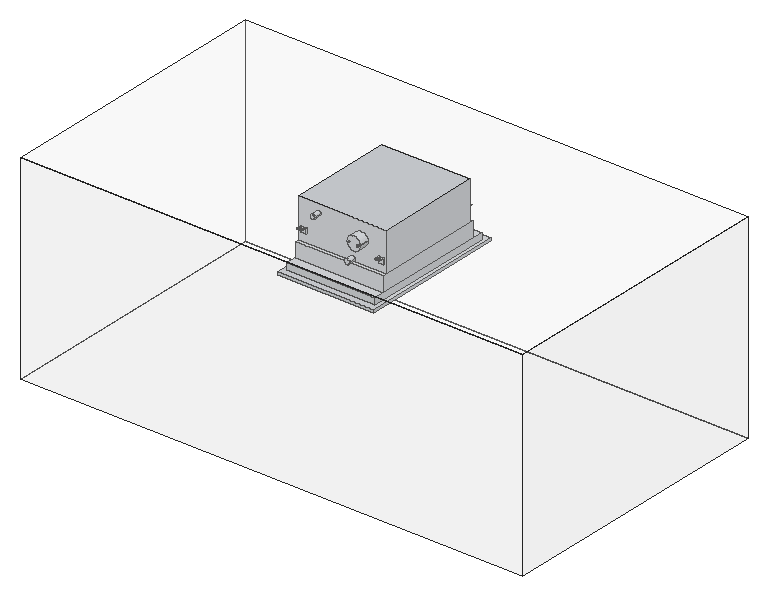
Revit family "plfy-p22_140lmg7_50Hz_pac-kw77_78_79tb", category 機械設備, Revit 2019
Family settings
  丸型コネクタ寸法 = 直径を使用
  パーツ タイプ = 標準
  OmniClass 番号 = 23.75.10.24.21.27.27
  OmniClass タイトル = Split System Air Conditioning Units
  作業面ベース = いいえ
  常に垂直 = はい
  ロード時にボイドで切り取り = いいえ
  共有 = いいえ
  部屋計算ポイント = はい
Parameters (values of type "PLFY-P22LMG7")
  風量（弱）（m3／min） = 6.5
  風量（中2）（m3／min） = 7.5
  風量（中1）（m3／min） = 8.5
  風量（m3／min） = 9.5
  風量 = MAX風量  # 570.0 m³/h
  音響パワーレベル（弱）(dB) = 49
  音響パワーレベル（中2）(dB) = 51
  音響パワーレベル（中1）(dB) = 52
  音響パワーレベル(dB) = 53
  電源種別 = ""
  電源_H = 0 mm
  電圧_電気ヒーター = 0 V
  電圧 = 200 V
  電動機出力_送風機 = 0.05 kW
  運転質量 = 0.00 kg
  連動 = ""
  質量 = if(製品質量 > 運転質量, 製品質量, 運転質量) * 1.2  # 24.00 kg
  負荷分類 = 3_ファン類
  説明 = "ビル用マルチエアコン 天井カセット形(2方向吹出)室内機"
  設計暖房能力 = 0.00 kW
  設計冷房能力_顕熱 = 0 kW
  設計冷房能力 = 0 kW
  設置方法 = "カセット形"
  記号 = ""
  製造元 = "三菱電機株式会社"
  製品質量 = 20.00 kg
  製品出荷対象 = "国内"
  製品リリース年月 = "2020/7/22"
  製品グループ = ""
  系統 = ""
  符号 = "ACP_CK2"
  積算_科目 = "1 空気調和設備"
  積算_拾い区分 [instance] = ""
  相_電気ヒーター = 1
  相 = 1
  盤記号 = ""
  発停方法 = "付属スイッチ"
  特殊仕様 = ""
  火災停止 = ""
  消費電力_電気ヒーター = 0.00 kW
  消費電力_暖房 = 0.03 kW
  消費電力_加湿器 = 0.00 kW
  消費電力_冷房 = 0.03 kW
  消費電力 = if(消費電力_冷房 > 消費電力_暖房, 消費電力_冷房, 消費電力_暖房) + 消費電力_加湿器 + 消費電力_電気ヒーター  # 0.03 kW
  法定耐用年数 = "15"
  機外静圧 = 0.0 Pa
  極数 = 3
  材質 = ""
  本体マテリアル = none
  有効加湿量 = 0
  暖房能力 = 2.50 kW
  推奨ブレーカー容量 = 15 A
  形式_加湿器 = ""
  形式 = "カセット形（2方向吹出形）"
  幹線記号 = ""
  始動方式 = ""
  呼称 = "室内機_カセット形(2方向吹出形)"
  周波数 = 50 Hz
  吊り位置Y = 824 mm
  吊り位置X = 574 mm
  吊りボルト_H = 255 mm
  台数_手元リモコン = ""
  台数_冷媒分岐ユニット = ""
  参照している仕様書等のバージョン = "公共建築工事標準仕様書（機械設備工事編）平成31年度版"
  加湿給水管径 = 0 mm
  分類コード = "50053003221020"
  分類グループ = ""
  冷房能力 = 2.2 kW
  冷媒高低圧ガス管径 = 0 mm
  冷媒管径符号 = "Ac"
  冷媒管径 = 100 mm
  冷媒液管高さ = 323 mm
  冷媒液管長さ = 67 mm
  冷媒液管径 = 6.35 mm
  冷媒ガス管高さ = 323 mm
  冷媒ガス管長さ = 78 mm
  冷媒ガス管径 = 12.7 mm
  企業コード = ""
  付属品_フィルター = ""
  付属品 = "別売部品：PAC-KW77TB"
  仕様書バージョン = "Version1.0"
  モデル = "PLFY-P22LMG7"
  パネルマテリアル = none
  ドレン管高さ = 385 mm
  ドレン管径 = 32 mm
  サービススペース = yes
  コメント [instance] = ""
  ケーブル種類 = ""
  ケーブルサイズ = 1.6 mm
  Width = 650 mm
  Version = ""
  Uniclass2015Version = "Systems v1.9"
  Uniclass2015Title = "Split coil remote air cooled condensing units"
  Uniclass2015Code = "Pr_70_65_03_84"
  URL = "https://www.mitsubishielectric.co.jp/ldg/wink/ssl/displayProduct.do?pid=307542"
  SpecificationReference = ""
  SpecificationDescription = ""
  S_H = 452 mm
  Revision = ""
  ProductInformation = ""
  OmniClassCode = "23-751024212727"
  MIN風量 = 風量（弱）（m3／min） * 60.0 m³/h  # 390.0 m³/h
  MID風量2 = 風量（中2）（m3／min） * 60.0 m³/h  # 450.0 m³/h
  MID風量 = 風量（中1）（m3／min） * 60.0 m³/h  # 510.0 m³/h
  MAX風量 = 風量（m3／min） * 60.0 m³/h  # 570.0 m³/h
  IfcTypeProduct = ""
  IfcProduct = ""
  IfcExportType = "AIRCONDITIONINGUNIT"
  IfcExportAs = "IfcUnitaryEquipmentType"
  Height = 290 mm
  Depth = 770 mm
  Clearance Top = 445 mm
  Clearance Right = 1500 mm
  Clearance Left = 1500 mm
  Clearance Front = 500 mm
  Clearance Bottom = 1000 mm
  Clearance Back = 500 mm
  Author = "三菱電機株式会社"
Types (11, lengths in mm): name | 風量（弱）（m3／min） | 風量（中2）（m3／min） | 風量（中1）（m3／min） | 風量（m3／min） | 風量 | 音響パワーレベル（弱）(dB) | 音響パワーレベル（中2）(dB) | 音響パワーレベル（中1）(dB) | 音響パワーレベル(dB) | 電動機出力_送風機 | 質量 | 製品質量 | 消費電力_暖房 | 消費電力_冷房 | 消費電力 | 暖房能力 | 吊り位置Y | 冷房能力 | 冷媒管径符号 | 冷媒液管長さ | 冷媒液管径 | 冷媒ガス管長さ | 冷媒ガス管径 | 付属品 | モデル | URL | S_H | MIN風量 | MID風量2 | MID風量 | MAX風量 | Height | Depth | Clearance Top
  (no name) | 6.5 | 7.5 | 8.5 | 9.5 | 570.0 m³/h | 49 | 51 | 52 | 53 | 0.05 kW | 24.00 kg | 20.00 kg | 0.03 kW | 0.03 kW | 0.03 kW | 2.50 kW | 824 | 2.2 kW | "Ac" | 67 | 6.35 | 78 | 12.7 | "別売部品：PAC-KW77TB" | "PLFY-P22LMG7" | "https://www.mitsubishielectric.co.jp/ldg/wink/ssl/displayProduct.do?pid=307542" | 452 | 390.0 m³/h | 450.0 m³/h | 510.0 m³/h | 570.0 m³/h | 290 | 770 | 445
  PLFY-P22LMG7 | 6.5 | 7.5 | 8.5 | 9.5 | 570.0 m³/h | 49 | 51 | 52 | 53 | 0.05 kW | 24.00 kg | 20.00 kg | 0.03 kW | 0.03 kW | 0.03 kW | 2.50 kW | 824 | 2.2 kW | "Ac" | 67 | 6.35 | 78 | 12.7 | "別売部品：PAC-KW77TB" | "PLFY-P22LMG7" | "https://www.mitsubishielectric.co.jp/ldg/wink/ssl/displayProduct.do?pid=307542" | 452 | 390.0 m³/h | 450.0 m³/h | 510.0 m³/h | 570.0 m³/h | 290 | 770 | 445
  PLFY-P28LMG7 | 6.5 | 7.5 | 8.5 | 9.5 | 570.0 m³/h | 49 | 51 | 52 | 53 | 0.05 kW | 24.00 kg | 20.00 kg | 0.03 kW | 0.03 kW | 0.03 kW | 3.20 kW | 824 | 2.8 kW | "Ac" | 67 | 6.4 | 78 | 12.7 | "別売部品：PAC-KW77TB" | "PLFY-P28LMG7" | "https://www.mitsubishielectric.co.jp/ldg/wink/ssl/displayProduct.do?pid=307511" | 452 | 390.0 m³/h | 450.0 m³/h | 510.0 m³/h | 570.0 m³/h | 290 | 770 | 445
  PLFY-P36LMG7 | 6.5 | 8 | 9 | 10 | 600.0 m³/h | 50 | 51 | 52 | 53 | 0.05 kW | 25.20 kg | 21.00 kg | 0.03 kW | 0.03 kW | 0.03 kW | 4.00 kW | 824 | 3.6 kW | "Ac" | 67 | 6.4 | 78 | 12.7 | "別売部品：PAC-KW77TB" | "PLFY-P36LMG7" | "https://www.mitsubishielectric.co.jp/ldg/wink/ssl/displayProduct.do?pid=307543" | 452 | 390.0 m³/h | 480.0 m³/h | 540.0 m³/h | 600.0 m³/h | 290 | 770 | 445
  PLFY-P45LMG7 | 7 | 8.5 | 9.5 | 10.5 | 630.0 m³/h | 51 | 54 | 55 | 56 | 0.05 kW | 25.20 kg | 21.00 kg | 0.04 kW | 0.04 kW | 0.04 kW | 5.00 kW | 824 | 4.5 kW | "Ac" | 67 | 6.4 | 78 | 12.7 | "別売部品：PAC-KW77TB" | "PLFY-P45LMG7" | "https://www.mitsubishielectric.co.jp/ldg/wink/ssl/displayProduct.do?pid=307544" | 452 | 420.0 m³/h | 510.0 m³/h | 570.0 m³/h | 630.0 m³/h | 290 | 770 | 445
  PLFY-P56LMG7 | 9 | 11 | 12 | 13 | 780.0 m³/h | 53 | 55 | 56 | 57 | 0.05 kW | 28.80 kg | 24.00 kg | 0.05 kW | 0.05 kW | 0.05 kW | 6.30 kW | 994 | 5.6 kW | "Ac" | 67 | 6.4 | 78 | 12.7 | "別売部品：PAC-KW78TB" | "PLFY-P56LMG7" | "https://www.mitsubishielectric.co.jp/ldg/wink/ssl/displayProduct.do?pid=307512" | 452 | 540.0 m³/h | 660.0 m³/h | 720.0 m³/h | 780.0 m³/h | 290 | 940 | 445
  PLFY-P71LMG7 | 10.5 | 12.5 | 15 | 16.5 | 990.0 m³/h | 55 | 58 | 59 | 60 | 0.05 kW | 31.20 kg | 26.00 kg | 0.07 kW | 0.07 kW | 0.07 kW | 8.00 kW | 994 | 7.1 kW | "Bd" | 67 | 9.5 | 78 | 15.9 | "別売部品：PAC-KW78TB" | "PLFY-P71LMG7" | "https://www.mitsubishielectric.co.jp/ldg/wink/ssl/displayProduct.do?pid=307545" | 452 | 630.0 m³/h | 750.0 m³/h | 900.0 m³/h | 990.0 m³/h | 290 | 940 | 445
  PLFY-P80LMG7 | 13.5 | 15 | 16.5 | 19 | 1140.0 m³/h | 56 | 58 | 59 | 60 | 0.10 kW | 49.20 kg | 41.00 kg | 0.06 kW | 0.06 kW | 0.06 kW | 9.00 kW | 1494 | 8 kW | "Bd" | 71 | 9.5 | 83 | 15.9 | "別売部品：PAC-KW79TB" | "PLFY-P80LMG7" | "https://www.mitsubishielectric.co.jp/ldg/wink/ssl/displayProduct.do?pid=307546" | 493 | 810.0 m³/h | 900.0 m³/h | 990.0 m³/h | 1140.0 m³/h | 331 | 1440 | 486
  PLFY-P90LMG7 | 15.5 | 18 | 20 | 22.5 | 1350.0 m³/h | 57 | 59 | 60 | 61 | 0.10 kW | 49.20 kg | 41.00 kg | 0.08 kW | 0.08 kW | 0.08 kW | 10.00 kW | 1494 | 9 kW | "Bd" | 71 | 9.5 | 83 | 15.9 | "別売部品：PAC-KW79TB" | "PLFY-P90LMG7" | "https://www.mitsubishielectric.co.jp/ldg/wink/ssl/displayProduct.do?pid=307513" | 493 | 930.0 m³/h | 1080.0 m³/h | 1200.0 m³/h | 1350.0 m³/h | 331 | 1440 | 486
  PLFY-P112LMG7 | 18 | 20 | 23.5 | 26 | 1560.0 m³/h | 59 | 61 | 62 | 63 | 0.10 kW | 54.00 kg | 45.00 kg | 0.10 kW | 0.10 kW | 0.10 kW | 12.50 kW | 1494 | 11.2 kW | "Bd" | 71 | 9.5 | 83 | 15.9 | "別売部品：PAC-KW79TB" | "PLFY-P112LMG7" | "https://www.mitsubishielectric.co.jp/ldg/wink/ssl/displayProduct.do?pid=307547" | 493 | 1080.0 m³/h | 1200.0 m³/h | 1410.0 m³/h | 1560.0 m³/h | 331 | 1440 | 486
  PLFY-P140LMG7 | 23 | 26.5 | 28.5 | 31.5 | 1890.0 m³/h | 63 | 64 | 67 | 69 | 0.24 kW | 56.40 kg | 47.00 kg | 0.20 kW | 0.20 kW | 0.20 kW | 16.00 kW | 1494 | 14 kW | "Bd" | 71 | 9.5 | 83 | 15.9 | "別売部品：PAC-KW79TB" | "PLFY-P140LMG7" | "https://www.mitsubishielectric.co.jp/ldg/wink/ssl/displayProduct.do?pid=307548" | 493 | 1380.0 m³/h | 1590.0 m³/h | 1710.0 m³/h | 1890.0 m³/h | 331 | 1440 | 486
Reference planes
  plane 1 "中心(正面/背面)": y = 0
  plane 2: z = -88
  plane 3 "中心(左/右)": x = 0
  plane 4: x = -355
  plane 5: x = 355
  plane 6: y = 540
  plane 7: y = -540
  plane 8: z = 357
  plane 9: z = 364
  plane 10: x = -287
  plane 11: x = 287
  plane 12: y = 412
  plane 13: y = -412
  plane 14: z = 67
  plane 15: y = 385
  plane 16: y = -385
  plane 17: x = -325
  plane 18: x = 325
  plane 19: x = -1855
  plane 20: x = 1855
  plane 21: y = 1040
  plane 22: y = -1040
  plane 23: z = 357
  plane 24: z = -108
  plane 25: z = -1108
Dimensions and locks
  equal spacing: plane 4, plane 3 "中心(左/右)", plane 5
  plane 4 to plane 5 = 710 mm
  equal spacing: plane 7, plane 1 "中心(正面/背面)", plane 6
  plane 7 to plane 6 = 1080 mm
  locked: plane 12 to plane 6 at 128
  plane 7 to plane 13 = 128 mm
  plane 4 to plane 10 = 68 mm
  plane 11 to plane 5 = 68 mm
  "S_H": plane 9 to level
  "吊り位置X": plane 10 to plane 11
  equal spacing: plane 10, plane 3 "中心(左/右)", plane 11
  equal spacing: plane 13, plane 1 "中心(正面/背面)", plane 12
  "吊り位置Y": plane 13 to plane 12
  equal spacing: plane 16, plane 1 "中心(正面/背面)", plane 15
  "Depth": plane 16 to plane 15
  equal spacing: plane 17, plane 3 "中心(左/右)", plane 18
  "Width": plane 17 to plane 18
  locked: plane 14 to level at 155
  "Height": plane 8 to plane 14
  "Clearance Left": plane 19 to plane 4
  "Clearance Right": plane 5 to plane 20
  "Clearance Back": plane 6 to plane 21
  "Clearance Front": plane 22 to plane 7
  locked: level to plane 24 at 20
  "Clearance Bottom": plane 24 to plane 25
  "Clearance Top": plane 23 to level
  aligned and locked: level to plane 2
  aligned and locked: plane 10 to nested 2
  aligned and locked: plane 11 to nested 2
  aligned and locked: nested 2 to plane 12
  aligned and locked: plane 13 to nested 2
  aligned and locked: plane 1 "中心(正面/背面)" to nested 3
  aligned and locked: nested 3 to plane 3 "中心(左/右)"
  aligned and locked: plane 19 to nested 1
  aligned and locked: plane 20 to nested 1
  aligned and locked: nested 1 to plane 22
  aligned and locked: nested 1 to plane 21
  aligned and locked: plane 23 to nested 1
  aligned and locked: plane 25 to nested 1
Nested families
  nested 1: "サービススペース" at (0, 0, -375.5), visible <- "サービススペース", type "サービススペース"
    with Width 3710 mm, Height 1465 mm, Depth 2080 mm
  nested 2: "固定点" at (-287, -412, -88), type "固定点"
    with W 574 mm, D 824 mm
  nested 3: "PLFY-P○○○LMG7" at (0, 0, 0) x (0, -1, 0) z (0, 0, 1), type "PLFY-P○○○LMG7"
    with ユニット表示 yes, 冷媒液管径-Z 323 mm
Connectors
  piping at (138, -452, 235), diameter 100, driven by "冷媒管径", driven by "冷媒管径符号"
    settings: on nested 3, index 1, connector inside diameter 609.6 mm, connector length 0 mm, flow factor 0, pipe flow 0.0 L/s, pressure drop 0.0 Pa, fitting loss kfactor 0, connector angle 0.00°, fixture units 0, engagement length 0 mm, angle of deflection 0.00°, flow configuration 0, flow direction 1, fitting loss method 4, system type 7, joint type 0, gender type 0, connector reference index -1, connector utility 0, adjustable connector no, is connector primary yes, connector description "Ac"
  piping at (-175, -442, 297), diameter 32, driven by "ドレン管径"
    settings: on nested 3, index 2, connector inside diameter 609.6 mm, connector length 0 mm, flow factor 0, pipe flow 0.0 L/s, pressure drop 0.0 Pa, fitting loss kfactor 0, connector angle 0.00°, fixture units 0, engagement length 0 mm, angle of deflection 0.00°, flow configuration 0, flow direction 2, fitting loss method 4, system type 16, joint type 0, gender type 0, connector reference index -1, connector utility 0, adjustable connector no, is connector primary no, connector description ""
  electrical at (75, -435, 85), driven by "極数", driven by "負荷分類", driven by "電圧", driven by "消費電力"
    settings: on nested 3, index 3, voltage 200 V, apparent load 30 VA, apparent load phase1 0 VA, apparent load phase2 0 VA, apparent load phase3 0 VA, power factor 1, load classification "3_ファン類", number of poles 3, system type 30, power factor state 1, is connector primary yes, connector utility no, sub classification motor no, connector description ""
Definition of nested family "サービススペース"
  Parameters (values of type "サービススペース")
    Width [instance] = 500 mm
    Height [instance] = 500 mm
    Depth [instance] = 500 mm
  Reference planes
    plane 1 "中心(正面/背面)": y = 0
    plane 2: z = 0
    plane 3 "中心(左/右)": x = 0
    plane 4: y = -250
    plane 5: x = 250
    plane 6: y = 250
    plane 7: x = -250
    plane 8: z = 250
    plane 9: z = -250
  Forms (mm)
    Extrusion 1, solid
      sketch origin (-638.939, 0, 72.39) x (1, 0, 0) y (0, 1, 0)
        loop
          line (388.939, 250) -> (388.939, -250) -> (888.939, -250) -> (888.939, 250) -> (388.939, 250)
      from -322.39 to 177.61
  Lines and regions (mm)
    symbolic lines
      curve 1: line (-250, 0, 250) -> (250, 0, 250)
      curve 2: line (-250, 0, -250) -> (-250, 0, 250)
      curve 3: line (250, 0, -250) -> (-250, 0, -250)
      curve 4: line (250, 0, 250) -> (250, 0, -250)
      curve 5: line (0, -250, 250) -> (0, 250, 250)
      curve 6: line (0, -250, -250) -> (0, -250, 250)
      curve 7: line (0, 250, -250) -> (0, -250, -250)
      curve 8: line (0, 250, 250) -> (0, 250, -250)
      curve 9: line (-250, 250, 0) -> (250, 250, 0)
      curve 10: line (-250, -250, 0) -> (-250, 250, 0)
      curve 11: line (250, -250, 0) -> (-250, -250, 0)
      curve 12: line (250, 250, 0) -> (250, -250, 0)
  Dimensions and locks
    equal spacing: plane 7, plane 3 "中心(左/右)", plane 5
    equal spacing: plane 4, plane 1 "中心(正面/背面)", plane 6
    "Depth": plane 4 to plane 6
    "Width": plane 7 to plane 5
    equal spacing: plane 8, plane 2, plane 9
    "Height": plane 8 to plane 9
    aligned and locked: plane 9 to curve 3
    aligned and locked: plane 7 to curve 2
    aligned and locked: curve 4 to plane 5
    aligned and locked: plane 5 to Extrusion 1
    aligned and locked: Extrusion 1 to plane 7
    aligned and locked: Extrusion 1 to plane 9
    aligned and locked: plane 8 to Extrusion 1
    aligned and locked: plane 9 to curve 7
  Automatic sketch dimensions
    plane 4 to Extrusion 1 sketch curve = 0 mm
    Extrusion 1 sketch curve to plane 7 = 0 mm
    Extrusion 1 sketch curve to plane 5 = 0 mm
    plane 6 to Extrusion 1 sketch curve = 0 mm
    curve 2 to plane 8 = 0 mm
    plane 4 to curve 11 = 0 mm
    curve 11 to plane 7 = 0 mm
    curve 11 to plane 5 = 0 mm
    plane 6 to curve 10 = 0 mm
    curve 7 to plane 4 = 0 mm
    curve 7 to plane 6 = 0 mm
    curve 6 to plane 8 = 0 mm
Definition of nested family "PLFY-P○○○LMG7"
  Parameters (values of type "PLFY-P○○○LMG7")
    配線取出口サイズ = 36 mm
    配線取出口-Z = 173 mm
    配線取出口-Y = 250 mm
    配線取出口-X = 50 mm
    液配管サイズ = 6.35 mm
    A = 幅さ + 310 mm  # 1080 mm
    高さ = 290 mm
    奥行き = 650 mm
    吊りボルト_H = 255 mm
    冷媒配管 = 100 mm
    冷媒液管径-Z = 235 mm
    冷媒液管径-Y = 222 mm
    冷媒液管径-X = 67 mm
    冷媒ガス管径-Z = 323 mm
    冷媒ガス管径-Y = 152 mm
    冷媒ガス管径-X = 78 mm
    ユニット表示 [instance] = yes
    ボルトピッチ = 574 mm
    ドレン配管サイズ = 32 mm
    ドレン管径-Z = 385 mm
    ドレン管径-Y = 500 mm
    ドレン管径-X = 57 mm
    ガス配管サイズ = 12.7 mm
    D = 幅さ + 54 mm  # 824 mm
    幅さ = 770 mm
    B = 幅さ + 270 mm  # 1040 mm
  Reference planes
    plane 1 "中心(正面/背面)": y = 0
    plane 2: z = -88
    plane 3 "中心(左/右)": x = 0
    plane 4: x = -540
    plane 5: x = 540
    plane 6: y = 355
    plane 7: y = -355
    plane 8: z = 357
    plane 9: z = -108
    plane 10: x = -385
    plane 11: x = 385
    plane 12: y = 325
    plane 13: y = -325
    plane 14: z = -43
    plane 15: x = -520
    plane 16: x = 520
    plane 17: x = 412
    plane 18: x = -412
    plane 19: z = 67
    plane 20: x = 490
    plane 21: x = -490
    plane 22: y = 287
    plane 23: y = -287
    plane 24: x = 463
    plane 25: y = 173
    plane 26: z = 235
    plane 27: x = 452
    plane 28: y = 103
    plane 29: x = 442
    plane 30: y = -175
    plane 31: z = 297
    plane 32: z = 364
    plane 33: y = 50
    plane 34: x = 435
    plane 35: y = 75
    plane 36: z = 85
    plane 37: z = 167
    plane 38: z = 165
    plane 39: z = 125
    plane 40: y = 307
    plane 41: y = 267
    plane 42: y = -267
    plane 43: y = -307
    plane 44: y = 292
    plane 45: y = 282
    plane 46: y = -282
    plane 47: y = -292
    plane 48: x = -425
    plane 49: x = 425
    plane 50: x = -387
    plane 51: x = 387
  Forms (mm)
    Extrusion 1, solid, visible <- "ユニット表示", detail levels fine
      sketch origin (0, 0, -88) x (1, 0, 0) y (0, 1, 0)
        loop
          line (-385, 325) -> (-385, -325) -> (385, -325) -> (385, 325) -> (-385, 325)
      from 155 to 445
    Extrusion 2, solid, visible <- "ユニット表示", detail levels fine
      sketch origin (-1437.329, -1524, -43) x (-1, 0, 0) y (0, -1, 0)
        loop
          line (-1025.329, -1849) -> (-1025.329, -1199) -> (-1849.329, -1199) -> (-1849.329, -1849) -> (-1025.329, -1849)
      from 0 to 110
    Extrusion 3, solid, visible <- "ユニット表示", detail levels fine
      sketch origin (-1437.329, -1524, -43) x (-1, 0, 0) y (0, -1, 0)
        loop
          line (-947.329, -1849) -> (-947.329, -1199) -> (-1927.329, -1199) -> (-1927.329, -1849) -> (-947.329, -1849)
      from 0 to -45
    Extrusion 4, solid, visible <- "ユニット表示", detail levels fine
      sketch origin (385, 1296.25, 1200) x (0, 1, 0) y (0, 0, 1)
        loop
          circle (-1123.25, -965) r 6.35
      from 0 to 78
    Extrusion 5, solid, visible <- "ユニット表示", detail levels fine
      sketch origin (385, 1296.25, 1200) x (0, 1, 0) y (0, 0, 1)
        loop
          circle (-1193.25, -965) r 3.175
      from 0 to 67
    Extrusion 6, solid, visible <- "ユニット表示", detail levels fine
      sketch origin (385, 1296.25, 1200) x (0, 1, 0) y (0, 0, 1)
        loop
          circle (-1471.25, -903) r 16
      from 0 to 57
    Extrusion 7, solid, visible <- "ユニット表示", detail levels fine
      sketch origin (385, 1296.25, 1200) x (0, 1, 0) y (0, 0, 1)
        loop
          circle (-1221.25, -1115) r 18
      from 0 to 50
    Extrusion 8, solid, visible <- "ユニット表示", detail levels fine
      sketch origin (385, 1296.25, 1200) x (0, 1, 0) y (0, 0, 1)
        loop
          circle (-1158.25, -965) r 50
      from 0 to 67
    Extrusion 9, solid, visible <- "ユニット表示"
      sketch origin (0, 0, -88) x (1, 0, 0) y (0, 1, 0)
        loop
          line (-540, 355) -> (-540, -355) -> (540, -355) -> (540, 355) -> (-540, 355)
      from 0 to -20
    Extrusion 10, solid, visible <- "ユニット表示", detail levels fine
      sketch origin (0, 0, -88) x (1, 0, 0) y (0, 1, 0)
        loop
          line (-407, 292) -> (-407, 282)
          arc (-407, 282) -> (-412, 277) -> (-417, 282) r 5
          line (-417, 282) -> (-425, 282) -> (-425, 267) -> (-385, 267) -> (-385, 307) -> (-425, 307) -> (-425, 292) -> (-417, 292)
          arc (-417, 292) -> (-412, 297) -> (-407, 292) r 5
        loop
          arc (407, 292) -> (412, 297) -> (417, 292) r 5
          line (417, 292) -> (425, 292) -> (425, 307) -> (385, 307) -> (385, 267) -> (425, 267) -> (425, 282) -> (417, 282)
          arc (417, 282) -> (412, 277) -> (407, 282) r 5
          line (407, 282) -> (407, 292)
        loop
          line (407, -292) -> (407, -282)
          arc (407, -282) -> (412, -277) -> (417, -282) r 5
          line (417, -282) -> (425, -282) -> (425, -267) -> (385, -267) -> (385, -307) -> (425, -307) -> (425, -292) -> (417, -292)
          arc (417, -292) -> (412, -297) -> (407, -292) r 5
        loop
          arc (-407, -292) -> (-412, -297) -> (-417, -292) r 5
          line (-417, -292) -> (-425, -292) -> (-425, -307) -> (-385, -307) -> (-385, -267) -> (-425, -267) -> (-425, -282) -> (-417, -282)
          arc (-417, -282) -> (-412, -277) -> (-407, -282) r 5
          line (-407, -282) -> (-407, -292)
      from 253 to 255
    Extrusion 11, solid, visible <- "ユニット表示", detail levels fine
      sketch origin (0, 0, -88) x (1, 0, 0) y (0, 1, 0)
        loop
          line (-387, 307) -> (-387, 267) -> (-385, 267) -> (-385, 307) -> (-387, 307)
        loop
          line (385, 307) -> (385, 267) -> (387, 267) -> (387, 307) -> (385, 307)
        loop
          line (385, -267) -> (385, -307) -> (387, -307) -> (387, -267) -> (385, -267)
        loop
          line (-387, -267) -> (-387, -307) -> (-385, -307) -> (-385, -267) -> (-387, -267)
      from 213 to 253
  Dimensions and locks
    equal spacing: plane 7, plane 1 "中心(正面/背面)", plane 6
    plane 7 to plane 6 = 710 mm
    equal spacing: plane 4, plane 3 "中心(左/右)", plane 5
    "A": plane 4 to plane 5
    level to plane 9 = 20 mm
    equal spacing: plane 13, plane 1 "中心(正面/背面)", plane 12
    "奥行き": plane 13 to plane 12
    equal spacing: plane 10, plane 3 "中心(左/右)", plane 11
    "幅さ": plane 10 to plane 11
    locked: plane 14 to level at 45
    equal spacing: plane 15, plane 3 "中心(左/右)", plane 16
    "B": plane 15 to plane 16
    equal spacing: plane 18, plane 3 "中心(左/右)", plane 17
    "D": plane 18 to plane 17
    locked: plane 19 to plane 14 at 110
    locked: plane 15 to plane 21 at 30
    locked: plane 20 to plane 16 at 30
    equal spacing: plane 23, plane 1 "中心(正面/背面)", plane 22
    "ボルトピッチ": plane 23 to plane 22
    "冷媒ガス管径-X": plane 11 to plane 24
    "冷媒ガス管径-Y": plane 25 to plane 12
    "冷媒液管径-X": plane 11 to plane 27
    "冷媒液管径-Y": plane 28 to plane 12
    "ドレン管径-X": plane 11 to plane 29
    "ドレン管径-Y": plane 30 to plane 12
    plane 32 to plane 8 = 7 mm
    "配線取出口-X": plane 11 to plane 34
    "配線取出口-Y": plane 35 to plane 12
    "配線取出口-Z": plane 36 to level
    "ドレン管径-Z": plane 31 to level
    "冷媒ガス管径-Z": plane 26 to level
    locked: plane 38 to plane 39 at 40
    locked: plane 37 to plane 38 at 2
    "吊りボルト_H": plane 37 to level
    plane 43 to plane 23 to plane 42 = 20 mm locked, 20 mm locked
    plane 41 to plane 22 to plane 40 = 20 mm locked, 20 mm locked
    plane 47 to plane 23 to plane 46 = 5 mm locked, 5 mm locked
    plane 45 to plane 22 to plane 44 = 5 mm locked, 5 mm locked
    locked: plane 48 to plane 10 at 40
    locked: plane 11 to plane 49 at 40
    locked: plane 11 to plane 51 at 2
    locked: plane 50 to plane 10 at 2
    "高さ": plane 8 to plane 19
    "ガス配管サイズ": diameter of Extrusion 4 sketch curve
    "液配管サイズ": diameter of Extrusion 5 sketch curve
    "ドレン配管サイズ": diameter of Extrusion 6 sketch curve
    "配線取出口サイズ": diameter of Extrusion 7 sketch curve
    "冷媒配管": diameter of Extrusion 8 sketch curve
    aligned and locked: level to plane 2
    aligned and locked: plane 12 to Extrusion 1 sketch curve
    aligned and locked: plane 10 to Extrusion 1 sketch curve
    aligned and locked: Extrusion 1 sketch curve to plane 13
    aligned and locked: Extrusion 1 sketch curve to plane 11
    aligned and locked: plane 8 to Extrusion 1
    aligned and locked: plane 12 to Extrusion 2 sketch curve
    aligned and locked: plane 18 to Extrusion 2 sketch curve
    aligned and locked: Extrusion 2 sketch curve to plane 13
    aligned and locked: Extrusion 2 sketch curve to plane 17
    aligned and locked: plane 19 to Extrusion 2
    aligned and locked: Extrusion 1 to Extrusion 2
    aligned and locked: plane 12 to Extrusion 3 sketch curve
    aligned and locked: plane 21 to Extrusion 3 sketch curve
    aligned and locked: Extrusion 3 sketch curve to plane 13
    aligned and locked: Extrusion 3 sketch curve to plane 20
    aligned and locked: Extrusion 3 to level
    aligned and locked: plane 14 to Extrusion 3
    aligned and locked: plane 26 to Extrusion 4 sketch curve
    aligned and locked: plane 25 to Extrusion 4 sketch curve
    aligned and locked: Extrusion 4 to plane 11
    aligned and locked: plane 24 to Extrusion 4
    aligned and locked: plane 26 to Extrusion 5 sketch curve
    aligned and locked: plane 28 to Extrusion 5 sketch curve
    aligned and locked: plane 27 to Extrusion 5
    aligned and locked: Extrusion 5 to plane 11
    aligned and locked: plane 31 to Extrusion 6 sketch curve
    aligned and locked: plane 30 to Extrusion 6 sketch curve
    aligned and locked: Extrusion 6 to plane 11
    aligned and locked: plane 29 to Extrusion 6
    aligned and locked: plane 36 to Extrusion 7 sketch curve
    aligned and locked: plane 35 to Extrusion 7 sketch curve
    aligned and locked: Extrusion 7 to plane 11
    aligned and locked: plane 34 to Extrusion 7
    aligned and locked: plane 26 to Extrusion 8 sketch curve
    aligned and locked: Extrusion 8 to plane 11
    aligned and locked: plane 27 to Extrusion 8
    aligned and locked: level to Extrusion 9
    aligned and locked: Extrusion 9 to plane 9
    aligned and locked: Extrusion 10 sketch curve to plane 10
    aligned and locked: plane 37 to Extrusion 10
    aligned and locked: Extrusion 10 to plane 38
    aligned and locked: plane 40 to Extrusion 10 sketch curve
    aligned and locked: plane 48 to Extrusion 10 sketch curve  (x2)
    aligned and locked: Extrusion 10 sketch curve to plane 41
    aligned and locked: Extrusion 10 sketch curve to plane 45
    aligned and locked: Extrusion 10 sketch curve to plane 44
    aligned and locked: plane 44 to Extrusion 10 sketch curve  (x3)
    aligned and locked: plane 45 to Extrusion 10 sketch curve  (x3)
    aligned and locked: plane 18 to Extrusion 10 sketch curve  (x4)
    aligned and locked: plane 10 to Extrusion 10 sketch curve
    aligned and locked: Extrusion 10 sketch curve to plane 42
    aligned and locked: plane 43 to Extrusion 10 sketch curve
    aligned and locked: plane 47 to Extrusion 10 sketch curve  (x3)
    aligned and locked: plane 46 to Extrusion 10 sketch curve  (x3)
    aligned and locked: Extrusion 10 sketch curve to plane 46
    aligned and locked: Extrusion 10 sketch curve to plane 47
    aligned and locked: Extrusion 10 sketch curve to plane 48  (x2)
    aligned and locked: plane 11 to Extrusion 10 sketch curve
    aligned and locked: Extrusion 10 sketch curve to plane 49  (x2)
    aligned and locked: plane 17 to Extrusion 10 sketch curve  (x4)
    aligned and locked: Extrusion 10 sketch curve to plane 43
    aligned and locked: plane 42 to Extrusion 10 sketch curve
    aligned and locked: plane 49 to Extrusion 10 sketch curve  (x2)
    aligned and locked: plane 41 to Extrusion 10 sketch curve
    aligned and locked: Extrusion 10 sketch curve to plane 11
    aligned and locked: Extrusion 10 sketch curve to plane 40
    aligned and locked: plane 40 to Extrusion 11 sketch curve
    aligned and locked: plane 50 to Extrusion 11 sketch curve  (x2)
    aligned and locked: Extrusion 11 sketch curve to Extrusion 10  (x8)
    aligned and locked: Extrusion 11 sketch curve to plane 41
    aligned and locked: Extrusion 11 sketch curve to plane 51  (x2)
    aligned and locked: Extrusion 11 sketch curve to plane 43
    aligned and locked: plane 42 to Extrusion 11 sketch curve
    aligned and locked: Extrusion 11 to Extrusion 10
    aligned and locked: Extrusion 11 to plane 39
  Automatic sketch dimensions
    Extrusion 9 sketch curve to plane 4 = 0 mm
    Extrusion 9 sketch curve to plane 5 = 0 mm
    plane 7 to Extrusion 9 sketch curve = 0 mm
    plane 6 to Extrusion 9 sketch curve = 0 mm
    Extrusion 10 sketch curve to plane 18 = 5 mm  (x2)
    Extrusion 10 sketch curve to plane 17 = 5 mm  (x2)
    plane 25 to Extrusion 8 sketch curve = 35 mm
Definition of nested family "固定点"
  Parameters (values of type "固定点")
    中心円 = 20 mm
    W [instance] = 1000 mm
    D [instance] = 1000 mm
  Reference planes
    plane 1 "中心(正面/背面)": y = 0
    plane 2: z = 0
    plane 3 "中心(左/右)": x = 0
    plane 4: x = 1000
    plane 5: y = 1000
  Lines and regions (mm)
    symbolic lines, detail levels fine
      curve 1: circle (0, 1000, 0) r 10 normal (0, 0, 1)
      curve 2: circle (0, 0, 0) r 10 normal (0, 0, 1)
      curve 3: circle (1000, 1000, 0) r 10 normal (0, 0, 1)
      curve 4: circle (1000, 0, 0) r 10 normal (0, 0, 1)
      curve 5: line (-200, 1000, 0) -> (1200, 1000, 0)
      curve 6: line (-200, 0, 0) -> (1200, 0, 0)
      curve 7: line (0, 1200, 0) -> (0, -200, 0)
      curve 8: line (1000, 1200, 0) -> (1000, -200, 0)
  Dimensions and locks
    "W": plane 3 "中心(左/右)" to plane 4
    "D": plane 1 "中心(正面/背面)" to plane 5
    "中心円": diameter of curve 1
    "中心円": diameter of curve 2
    "中心円": diameter of curve 3
    "中心円": diameter of curve 4
    aligned and locked: level to plane 2
    aligned and locked: plane 5 to curve 1
    aligned and locked: plane 3 "中心(左/右)" to curve 1
    aligned and locked: plane 3 "中心(左/右)" to curve 2
    aligned and locked: plane 1 "中心(正面/背面)" to curve 2
    aligned and locked: plane 4 to curve 3
    aligned and locked: plane 5 to curve 3
    aligned and locked: plane 1 "中心(正面/背面)" to curve 4
    aligned and locked: plane 4 to curve 4
    aligned and locked: plane 1 "中心(正面/背面)" to curve 6
    aligned and locked: curve 7 to plane 3 "中心(左/右)"
    aligned and locked: curve 8 to plane 4
  Automatic sketch dimensions
    curve 5 to plane 5 = 0 mm
    curve 6 to plane 3 "中心(左/右)" = 200 mm
    curve 5 to plane 3 "中心(左/右)" = 200 mm
    curve 4 to curve 6 = 200 mm
    curve 3 to curve 5 = 200 mm
    plane 1 "中心(正面/背面)" to curve 8 = 200 mm
    plane 1 "中心(正面/背面)" to curve 7 = 200 mm
    curve 3 to curve 8 = 200 mm
    curve 1 to curve 7 = 200 mm
